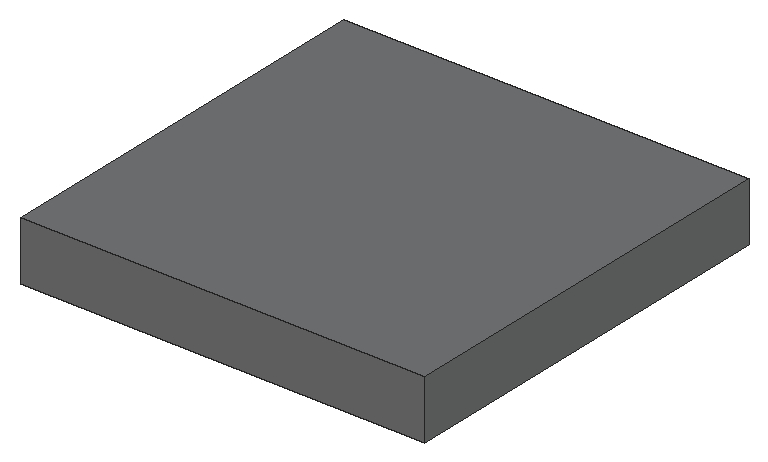
Revit family "Gira_5360005", category Electrical Fixtures, host Face, Revit 2017
Family settings
  Host = Face
  Maintain Annotation Orientation = No
  Round Connector Dimension = Use Diameter
  Part Type = Normal
  Cut with Voids When Loaded = No
  Shared = No
  Room Calculation Point = No
Parameters (values of type "S3000 op.top System 55 black m")
  With cover = "Yes"
  With LED indication = "No"
  URL = "http://katalog.gira.de/en/datenblatt.html?artikelnr=5360005"
  Transparent = "No"
  Suitable for application with venetian shutter switch = "Yes"
  Suitable for application with switch = "No"
  Suitable for application with dimmer = "No"
  Number of buttons = "1"
  Number of actuation points = "2"
  Name = "S3000 op.top System 55 black m"
  Manufacturer URL = "https://www.gira.de/"
  Manufacturer = "Gira"
  Keynote = ""
  HeinzeBIM = "https://bimportal.heinze.de/bim/s3000-op-top-system-55-black-m/9350472b8185a9c71e4cde22d621a48e324d6a31"
  HAN = "5360005"
  GTIN = "4010337037453"
  Description = "S3000 op.top Sys55 BKm,System 3000 operating top unit,,black matt,"
  Default Elevation = 1219.2 mm
  Data sheet (1) = "https://katalog.gira.de/en/download.html?artikelnr=5360005"
  Category = "Intelligent control element"
  BIM (1) = "https://media.stage.bim.site/public/gira/36a6b08/Sys55_Abdeckung_Schalten und Tasten.rfa?public/gira/36a6b08/Sys55_Abdeckung_Schalten und Tasten.rfa"
  Available = "No"
  Application = "Control of electrical users"
  Anthrazit [instance] = Anthrazit
Reference planes
  plane 1 "Center (Front/Back)": y = 0
  plane 2: z = 0
  plane 3 "Center (Left/Right)": x = 0
Forms (mm)
  Extrusion 1, solid, material "Anthrazit" <- "Anthrazit", detail levels fine
    sketch origin (0, 0, 0) x (1, 0, 0) y (0, 1, 0)
      loop
        line (-27.5, 27.5) -> (-27.5, -27.5) -> (27.5, -27.5) -> (27.5, 27.5) -> (-27.5, 27.5)
    from 0 to 8
  Extrusion 2, void
    sketch origin (0, 0, 0) x (1, 0, 0) y (0, 1, 0)
      loop
        line (26, 26) -> (-26, 26) -> (-26, -26) -> (26, -26) -> (26, 26)
    from 0 to 6
  Extrusion 3, solid, material "Anthrazit" <- "Anthrazit", detail levels medium
    sketch origin (0, 0, 0) x (1, 0, 0) y (0, 1, 0)
      loop
        line (-27.5, 27.5) -> (-27.5, -27.5) -> (27.5, -27.5) -> (27.5, 27.5) -> (-27.5, 27.5)
    from 0 to 8
  Extrusion 4, solid, material "Anthrazit" <- "Anthrazit", detail levels medium
    sketch origin (0, 0, 0) x (1, 0, 0) y (0, 1, 0)
      loop
        line (11, -17.5) -> (11, 17.5) -> (-11, 17.5) -> (-11, -17.5) -> (11, -17.5)
    from -6 to 6
  Extrusion 5, solid, material "Anthrazit" <- "Anthrazit", detail levels fine
    sketch origin (0, 0, 0) x (1, 0, 0) y (0, 1, 0)
      loop
        line (11, 17.5) -> (-11, 17.5) -> (-11, 16.5) -> (11, 16.5) -> (11, 17.5)
      loop
        line (-11, -16.5) -> (-11, -17.5) -> (11, -17.5) -> (11, -16.5) -> (-11, -16.5)
    from -4 to 6
  Extrusion 6, solid, material "Anthrazit" <- "Anthrazit", detail levels fine
    sketch origin (0, 0, 0) x (1, 0, 0) y (0, 1, 0)
      loop
        arc (5, 9.347) -> (0, 10.6) -> (-5, 9.347) r 10.6
        line (-5, 9.347) -> (-5, -9.347)
        arc (-5, -9.347) -> (0, -10.6) -> (5, -9.347) r 10.6
        line (5, -9.347) -> (5, 9.347)
    from -6 to 6
  Extrusion 7, solid, material "Anthrazit" <- "Anthrazit", detail levels coarse
    sketch origin (0, 0, 0) x (1, 0, 0) y (0, 1, 0)
      loop
        line (-27.5, 27.5) -> (-27.5, -27.5) -> (27.5, -27.5) -> (27.5, 27.5) -> (-27.5, 27.5)
    from -6 to 8
Cuts and joins
  Extrusion 2 cuts Extrusion 1
Dimensions and locks
  aligned and locked: plane 2 to host face
  aligned and locked: level to host face
